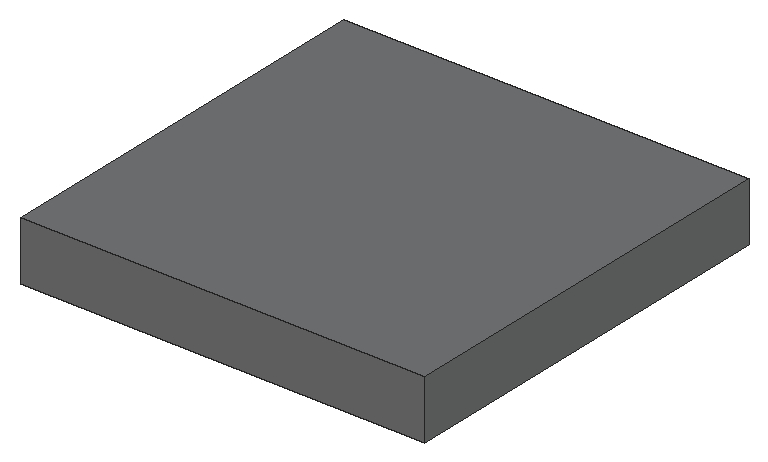
Revit family "Gira_536027", category Electrical Fixtures, host Face, Revit 2017
Family settings
  Host = Face
  Maintain Annotation Orientation = No
  Round Connector Dimension = Use Diameter
  Part Type = Normal
  Cut with Voids When Loaded = No
  Shared = No
  Room Calculation Point = No
Parameters (values of type "S3000 op.top System 55 p.white m")
  With LED indication = "No"
  URL = "http://katalog.gira.de/en/datenblatt.html?artikelnr=536027"
  Transparent = "No"
  Suitable for application with venetian shutter switch = "Yes"
  Suitable for application with switch = "No"
  Suitable for application with dimmer = "No"
  Number of actuation points = "2"
  Name = "S3000 op.top System 55 p.white m"
  Manufacturer URL = "https://www.gira.de/"
  Manufacturer = "Gira"
  Keynote = ""
  HeinzeBIM = "https://bimportal.heinze.de/bim/s3000-op-top-system-55-p-white-m/7739bf7415818375065389c45ca7a031b188df18"
  HAN = "536027"
  GTIN = "4010337027232"
  Description = "S3000 op.top Sys55 PWm,System 3000 operating top unit,,pure white matt,"
  Default Elevation = 1219.2 mm
  Data sheet (1) = "https://katalog.gira.de/en/download.html?artikelnr=536027"
  Category = "Intelligent control element"
  BIM (1) = "https://media.stage.bim.site/public/gira/36a6b08/Sys55_Abdeckung_Schalten und Tasten.rfa?public/gira/36a6b08/Sys55_Abdeckung_Schalten und Tasten.rfa"
  Available = "No"
  Application = "Control of electrical users"
  Anthrazit [instance] = Anthrazit
Reference planes
  plane 1 "Center (Front/Back)": y = 0
  plane 2: z = 0
  plane 3 "Center (Left/Right)": x = 0
Forms (mm)
  Extrusion 1, solid, material "Anthrazit" <- "Anthrazit", detail levels fine
    sketch origin (0, 0, 0) x (1, 0, 0) y (0, 1, 0)
      loop
        line (-27.5, 27.5) -> (-27.5, -27.5) -> (27.5, -27.5) -> (27.5, 27.5) -> (-27.5, 27.5)
    from 0 to 8
  Extrusion 2, void
    sketch origin (0, 0, 0) x (1, 0, 0) y (0, 1, 0)
      loop
        line (26, 26) -> (-26, 26) -> (-26, -26) -> (26, -26) -> (26, 26)
    from 0 to 6
  Extrusion 3, solid, material "Anthrazit" <- "Anthrazit", detail levels medium
    sketch origin (0, 0, 0) x (1, 0, 0) y (0, 1, 0)
      loop
        line (-27.5, 27.5) -> (-27.5, -27.5) -> (27.5, -27.5) -> (27.5, 27.5) -> (-27.5, 27.5)
    from 0 to 8
  Extrusion 4, solid, material "Anthrazit" <- "Anthrazit", detail levels medium
    sketch origin (0, 0, 0) x (1, 0, 0) y (0, 1, 0)
      loop
        line (11, -17.5) -> (11, 17.5) -> (-11, 17.5) -> (-11, -17.5) -> (11, -17.5)
    from -6 to 6
  Extrusion 5, solid, material "Anthrazit" <- "Anthrazit", detail levels fine
    sketch origin (0, 0, 0) x (1, 0, 0) y (0, 1, 0)
      loop
        line (11, 17.5) -> (-11, 17.5) -> (-11, 16.5) -> (11, 16.5) -> (11, 17.5)
      loop
        line (-11, -16.5) -> (-11, -17.5) -> (11, -17.5) -> (11, -16.5) -> (-11, -16.5)
    from -4 to 6
  Extrusion 6, solid, material "Anthrazit" <- "Anthrazit", detail levels fine
    sketch origin (0, 0, 0) x (1, 0, 0) y (0, 1, 0)
      loop
        arc (5, 9.347) -> (0, 10.6) -> (-5, 9.347) r 10.6
        line (-5, 9.347) -> (-5, -9.347)
        arc (-5, -9.347) -> (0, -10.6) -> (5, -9.347) r 10.6
        line (5, -9.347) -> (5, 9.347)
    from -6 to 6
  Extrusion 7, solid, material "Anthrazit" <- "Anthrazit", detail levels coarse
    sketch origin (0, 0, 0) x (1, 0, 0) y (0, 1, 0)
      loop
        line (-27.5, 27.5) -> (-27.5, -27.5) -> (27.5, -27.5) -> (27.5, 27.5) -> (-27.5, 27.5)
    from -6 to 8
Cuts and joins
  Extrusion 2 cuts Extrusion 1
Dimensions and locks
  aligned and locked: plane 2 to host face
  aligned and locked: level to host face
